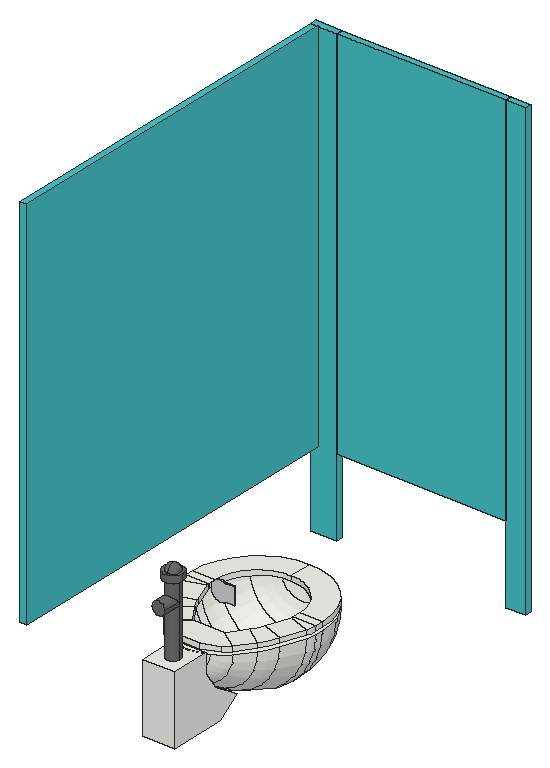
Revit family "Toilet Stall-3D w Toilet", category Specialty Equipment, host Wall, Revit 2021
Family settings
  Host = Wall
  Round Connector Dimension = Use Diameter
  Part Type = Normal
  Always vertical = Yes
  Cut with Voids When Loaded = No
  Shared = Yes
  Room Calculation Point = No
Parameters (values of type "32" x 56" Clear")
  Default Elevation = 0' - 0"
  Assembly Code = "C1030100"
  Door Width = 2' - 2"
  Length = 4' - 8"
  Toilet Partition Material = Toilet Partition
  Width = 2' - 8"
Reference planes (in)
  plane 1: y = 0
  plane 2: x = 15.94107
  plane 3: y = 2.5
  plane 4 "Center (L/R)": x = 31.94107
  plane 5: x = -0.05893
  plane 6: y = 58.5
  plane 7 "Center (F/B)": y = 2.5
  plane 8: x = -1.05893
  plane 9: y = 59.5
  plane 10: z = 12
  plane 11: z = 70
  plane 12: x = 2.94107
  plane 13: x = 28.94107
Forms (in)
  Extrusion 1, solid, material "Toilet Partition" <- "Toilet Partition Material"
    sketch origin (-60, 2.5625, 0) x (-1, 0, 0) y (0, 0, 1)
      loop
        line (-59.94107, 70) -> (-59.94107, 12) -> (-58.94107, 12) -> (-58.94107, 70) -> (-59.94107, 70)
    from -0.0625 to 55.9375
  Extrusion 2, solid, material "Toilet Partition" <- "Toilet Partition Material"
    sketch origin (0, 0, 0) x (1, 0, 0) y (0, 1, 0)
      loop
        line (-1.05893, 59.5) -> (-1.05893, 58.5) -> (2.94107, 58.5) -> (2.94107, 59.5) -> (-1.05893, 59.5)
      loop
        line (28.94107, 59.5) -> (28.94107, 58.5) -> (31.94107, 58.5) -> (31.94107, 59.5) -> (28.94107, 59.5)
    from 0 to 70
  Extrusion 3, solid, material "Toilet Partition" <- "Toilet Partition Material"
    sketch origin (0, 0, 0) x (1, 0, 0) y (0, 1, 0)
      loop
        line (2.94107, 59.5) -> (2.94107, 58.5) -> (28.94107, 58.5) -> (28.94107, 59.5) -> (2.94107, 59.5)
    from 12 to 70
Lines and regions (in)
  model lines, style "InvisibleLines"
    curve 1: line (31.94107, 2.5, 0) -> (31.94107, 58.5, 0)
    curve 3: line (31.94107, 2.5, 0) -> (31.94107, 2.5, 70)
  model lines, style "SpecialityEquipment"
    curve 2: line (-1.05893, 2.5, 70) -> (-0.05893, 2.5, 70)
  model lines, style "Toilet Accessories-Dashed"
    curve 4: line (-0.05893, 2.5, 70) -> (31.94107, 2.5, 70)
    curve 5: line (-0.05893, 2.5, 12) -> (31.94107, 2.5, 12)
  symbolic lines, style "Toilet Accessories-Dashed"
    curve 6: line (28.94107, 0, 70) -> (2.94107, 0, 41)
    curve 7: line (2.94107, 0, 41) -> (28.94107, 0, 12)
  symbolic lines, style "Toilet Accessories"
    curve 8: line (-1.05893, 2.5, 0) -> (-1.05893, 59.5, 0)
    curve 9: line (-1.05893, 59.5, 0) -> (2.94107, 59.5, 0)
    curve 10: line (2.94107, 59.5, 0) -> (2.94107, 58.5, 0)
    curve 11: line (2.94107, 58.5, 0) -> (-0.05893, 58.5, 0)
    curve 12: line (-0.05893, 58.5, 0) -> (-0.05893, 2.5, 0)
    curve 13: line (-0.05893, 2.5, 0) -> (-1.05893, 2.5, 0)
    curve 14: line (28.94107, 59.5, 0) -> (28.94107, 58.5, 0)
    curve 15: line (28.94107, 58.5, 0) -> (31.94107, 58.5, 0)
    curve 16: line (31.94107, 59.5, 0) -> (28.94107, 59.5, 0)
    curve 17: line (2.94107, 58.5, 0) -> (2.94107, 32.5, 0)
    curve 18: line (2.94107, 32.5, 0) -> (3.94107, 32.5, 0)
    curve 19: line (3.94107, 32.5, 0) -> (3.94107, 58.5, 0)
    curve 20: line (3.94107, 58.5, 0) -> (2.94107, 58.5, 0)
    curve 21: arc (28.94107, 58.5, 0) -> (21.32585, 40.11522, 0) -> (2.94107, 32.5, 0) r 26
    curve 22: line (31.94107, 59.5, 0) -> (31.94107, 58.5, 0)
Text (in)
  text "Placement Side" at (0, 40.15149, 123.01588), in view "Right"
  text "Placement Side, matches cursor" at (-46.06407, 47.04732, 0), in view "Floor Line"
  text "Placement Side" at (0, 65.23256, 117.93067), in view "Left"
Dimensions and locks (in)
  "Width": plane 5 to plane 4 "Center (L/R)"
  locked: plane 7 "Center (F/B)" to host wall
  "Length": plane 7 "Center (F/B)" to plane 6
  locked: plane 6 to plane 9 at 1
  locked: plane 8 to plane 5 at 1
  plane 10 to plane 11 = 4' - 10"
  host wall to plane 10 = 1' - 0"
  equal spacing: plane 5, plane 2, plane 4 "Center (L/R)"
  equal spacing: plane 10, curve 7, plane 11
  locked: plane 8 to plane 12 at 4
  "Door Width": plane 12 to plane 13
  locked: curve 17 to curve 19 at 1
  aligned and locked: plane 3 to host wall
  aligned and locked: Extrusion 1 to plane 6
  aligned and locked: Extrusion 2 sketch curve to plane 9
  aligned and locked: Extrusion 2 sketch curve to plane 6  (x2)
  aligned and locked: Extrusion 2 sketch curve to plane 4 "Center (L/R)"
  aligned and locked: Extrusion 2 to curve 2
  aligned and locked: Extrusion 3 sketch curve to Extrusion 2  (x2)
  aligned and locked: plane 10 to Extrusion 3
  aligned and locked: plane 12 to curve 10
  aligned and locked: plane 12 to curve 17
  aligned and locked: plane 13 to curve 14
  aligned and locked: Extrusion 3 sketch curve to plane 12
  aligned and locked: Extrusion 2 sketch curve to plane 13
  aligned and locked: plane 12 to Extrusion 2 sketch curve
  aligned and locked: curve 6 to Extrusion 2
  aligned and locked: curve 7 to Extrusion 3
  aligned and locked: plane 4 "Center (L/R)" to nested 2
  aligned and locked: nested 2 to plane 7 "Center (F/B)"
Automatic sketch dimensions
  Extrusion 1 sketch curve to plane 5 = 0' - 0"
  Extrusion 1 sketch curve to plane 8 = 0' - 0"
  Extrusion 1 sketch curve to plane 10 = 0' - 0"
  Extrusion 1 sketch curve to plane 11 = 0' - 0"
  Extrusion 3 sketch curve to plane 9 = 0' - 0"
  Extrusion 2 sketch curve to plane 8 = 0' - 0"
  Extrusion 2 sketch curve to plane 9 = 0' - 0"
  curve 6 to plane 11 = 0' - 0"
  curve 5 to plane 4 "Center (L/R)" = 0' - 0"
  curve 5 to plane 10 = 0' - 0"
  curve 3 to level = 0' - 0"
  curve 2 to plane 8 = 0' - 0"
  curve 2 to plane 5 = 0' - 0"
  curve 5 to plane 5 = 0' - 0"
  curve 7 to plane 12 = 0' - 0"
  curve 7 to plane 13 = 0' - 0"
  curve 13 to host wall = 0' - 0"
  curve 13 to plane 8 = 0' - 0"
  curve 13 to plane 5 = 0' - 0"
  curve 1 to host wall = 0' - 0"
  curve 22 to plane 4 "Center (L/R)" = 0' - 0"
  curve 11 to plane 6 = 0' - 0"
  curve 1 to plane 6 = 0' - 0"
  curve 16 to plane 9 = 0' - 0"
  curve 9 to plane 9 = 0' - 0"
Nested families (in)
  nested 1: "Toilet-Commercial-Wall-3D" at (4.35918, 0, 0), type "15" Seat Height"
  nested 2: "Dispencer-Toilet Paper-2D" at (31.94107, 2.5, 0), type "Dispencer-Toilet Paper-2D"
Definition of nested family "Toilet-Commercial-Wall-3D"
  Parameters
    Default Elevation = 0' - 0"
    Assembly Code = "D2010110"
    Mounting Height = 1' - 3"
    Piping Material = none
    Toilet - Bowl Material = none
    Toilet - Seat Material = none
  Reference planes (in)
    plane 1: y = 0
    plane 2: x = 15.94107
    plane 3: y = 3
    plane 4: y = 32
    plane 5: z = 13.5
    plane 6: y = 22
    plane 7: y = 12
    plane 8: z = 15
    plane 9: z = 25.5
    plane 10: y = 5.77698
  Forms (in)
    Extrusion 1, solid, material <- "Toilet - Bowl Material"
      sketch origin (15.94107, 0, 0) x (0, -1, 0) y (0, 0, 1)
        loop
          line (-3, 13.5) -> (-9.0159, 13.5) -> (-9.0159, 10.60222) -> (-10.73663, 8.14477) -> (-14.83239, 5.27688) -> (-11.6632, 3) -> (-3, 3) -> (-3, 13.5)
      from -2.5 to 2.5
    Extrusion 2, solid, material <- "Piping Material"
      sketch origin (13.44107, 3, 13.5) x (1, 0, 0) y (0, 1, 0)
        loop
          circle (2.5, 2.77698) r 1
      from 0 to 11
    Extrusion 3, solid, material <- "Piping Material"
      sketch origin (0, 3, 0) x (1, 0, 0) y (0, 0, 1)
        loop
          circle (15.94107, 21.42564) r 1
      from 0 to -2.78125
    Extrusion 4, solid, material <- "Piping Material"
      sketch origin (13.44107, 3, 24.5) x (1, 0, 0) y (0, 1, 0)
        loop
          circle (2.5, 2.77698) r 1.5
      from 0 to 1
    Revolve 5, solid, material <- "Piping Material"
      sketch origin (15.94107, 0, 0) x (0, -1, 0) y (0, 0, 1)
        loop
          line (-6.78555, 25.5) -> (-5.77698, 25.5) -> (-5.77698, 26.50857)
          arc (-5.77698, 26.50857) -> (-6.49014, 26.21316) -> (-6.78555, 25.5) r 1.00857
        axis (-5.77698, 25.5) -> (-5.77698, 26.50857)
      angle from 0 to 360
    Revolve 6, solid, material <- "Toilet - Bowl Material"
      sketch origin (0, 0, 13.5) x (1, 0, 0) y (0, 1, 0)
        loop
          line (15.94107, 32) -> (15.94107, 31)
          arc (15.94107, 31) -> (17.5039, 30.86327) -> (19.01925, 30.45723) r 9
          arc (19.01925, 30.45723) -> (20.77677, 29.59052) -> (22.30503, 28.36396) r 9
          arc (22.30503, 28.36396) -> (23.53159, 26.8357) -> (24.3983, 25.07818) r 9
          arc (24.3983, 25.07818) -> (24.80434, 23.56283) -> (24.94107, 22) r 9
          line (24.94107, 22) -> (24.94107, 20.70531)
          arc (24.94107, 20.70531) -> (24.89549, 20.18436) -> (24.76015, 19.67925) r 3
          line (24.76015, 19.67925) -> (23.48959, 16.18842)
          arc (23.48959, 16.18842) -> (22.91009, 14.87141) -> (22.16364, 13.6413) r 11
          line (22.16364, 13.6413) -> (20.67216, 11.51124)
          arc (20.67216, 11.51124) -> (19.68986, 10.52894) -> (18.43083, 9.94185) r 4
          line (18.43083, 9.94185) -> (15.94107, 9.27472) -> (15.94107, 8.23944) -> (19.04122, 9.07012)
          arc (19.04122, 9.07012) -> (20.30025, 9.65722) -> (21.28255, 10.63952) r 4
          line (21.28255, 10.63952) -> (23.05831, 13.17557)
          arc (23.05831, 13.17557) -> (23.80475, 14.40567) -> (24.38425, 15.72269) r 11
          line (24.38425, 15.72269) -> (25.69984, 19.33723)
          arc (25.69984, 19.33723) -> (25.8803, 20.01072) -> (25.94107, 20.70531) r 4
          line (25.94107, 20.70531) -> (25.94107, 22)
          arc (25.94107, 22) -> (25.78915, 23.73648) -> (25.338, 25.4202) r 10
          arc (25.338, 25.4202) -> (24.37498, 27.373) -> (23.01214, 29.07107) r 10
          arc (23.01214, 29.07107) -> (21.31407, 30.43391) -> (19.36127, 31.39693) r 10
          arc (19.36127, 31.39693) -> (17.67755, 31.84808) -> (15.94107, 32) r 10
        axis (15.94107, 8.23944) -> (15.94107, 32)
      angle from 0 to 180
    Sweep 7, solid, material <- "Toilet - Seat Material"
      path origin (0, 0, 13.5) x (1, 0, 0) y (0, 1, 0)
        loop
          line (21.28255, 10.63952) -> (23.05831, 13.17557)
          arc (23.05831, 13.17557) -> (23.80475, 14.40567) -> (24.38425, 15.72269) r 11
          line (24.38425, 15.72269) -> (25.69984, 19.33723)
          arc (25.69984, 19.33723) -> (25.8803, 20.01072) -> (25.94107, 20.70531) r 4
          line (25.94107, 20.70531) -> (25.94107, 22)
          arc (25.94107, 22) -> (23.01214, 29.07107) -> (15.94107, 32) r 10
          arc (15.94107, 32) -> (8.87, 29.07107) -> (5.94107, 22) r 10
          line (5.94107, 22) -> (5.94107, 20.70531)
          arc (5.94107, 20.70531) -> (6.00184, 20.01072) -> (6.1823, 19.33723) r 4
          line (6.1823, 19.33723) -> (7.49788, 15.72269)
          arc (7.49788, 15.72269) -> (8.07738, 14.40567) -> (8.82383, 13.17557) r 11
          line (8.82383, 13.17557) -> (10.59959, 10.63952)
      profile origin (0, 21.35265, 13.5) x (-1, 0, 0) y (0, 0, 1)
        loop
          line (-25.94107, 0.5) -> (-22.44107, 0.5) -> (-22.44107, 1.25) -> (-25.94107, 1.25) -> (-25.94107, 0.5)
    Extrusion 8, solid, material <- "Toilet - Seat Material"
      sketch origin (15.94107, 22, 14.75) x (1, 0, 0) y (0, 1, 0)
        loop
          line (-2.47445, -9.35296) -> (-5.34148, -11.36048) -> (-4.35918, -12.34278) -> (-1.7583, -13.28943) -> (1.7583, -13.28943) -> (4.35918, -12.34278) -> (5.34148, -11.36048) -> (2.47445, -9.35296) -> (-2.47445, -9.35296)
      from 0 to -0.75
  Text (in)
    text "Placement Side" at (0, 40.15149, 123.01588), in view "Right"
    text "Placement Side, matches cursor" at (-30.92805, 50.76595, 0), in view "Floor Line"
    text "Placement Side" at (0, 47.49176, 61.18918), in view "Left"
  Dimensions and locks (in)
    locked: plane 3 to plane 6 at 19
    locked: plane 3 to plane 7 at 9
    "Mounting Height": plane 8 to level
    locked: plane 8 to plane 5 at 1.5
    locked: plane 8 to plane 9 at 10.5
    locked: plane 3 to plane 10 at 2.77698
    aligned and locked: plane 3 to host wall
  Automatic sketch dimensions
    Extrusion 1 sketch curve to plane 5 = 0' - 0"
    Extrusion 1 sketch curve to plane 3 = 0' - 0"
    plane 7 to Extrusion 1 sketch curve = 0' - 2.9841"
    plane 7 to Extrusion 1 sketch curve = 0' - 1.26337"
    plane 7 to Extrusion 1 sketch curve = 0' - 0.3368"
    Extrusion 1 sketch curve to plane 7 = 0' - 2.83239"
    plane 5 to Extrusion 1 sketch curve = 0' - 2.89778"
    Extrusion 1 sketch curve to Extrusion 1 sketch curve = 0' - 2.45746"
    Extrusion 1 sketch curve to Extrusion 1 sketch curve = 0' - 2.86788"
    level to Extrusion 1 sketch curve = 0' - 3"
    Extrusion 2 sketch curve to plane 2 = 0' - 0"
    Extrusion 2 sketch curve to Extrusion 2 sketch curve = 0' - 1"
    Extrusion 2 sketch curve to plane 3 = 0' - 2.77698"
    Extrusion 3 sketch curve to plane 2 = 0' - 0"
    plane 2 to Extrusion 3 sketch curve = 0' - 1"
    Extrusion 3 sketch curve to plane 5 = 0' - 7.92564"
    Extrusion 4 sketch curve to plane 2 = 0' - 0"
    Extrusion 4 sketch curve to Extrusion 4 sketch curve = 0' - 1 1/2"
    Extrusion 4 sketch curve to plane 3 = 0' - 2.77698"
    Revolve 5 sketch curve to plane 9 = 0' - 0"
    Revolve 5 sketch curve to plane 10 = 0' - 0"  (x2)
    Revolve 5 sketch curve to Revolve 5 sketch curve = 0' - 1.00857"
    Revolve 5 sketch curve to Revolve 5 sketch curve = 0' - 1.53583"
    Revolve 5 sketch curve to Revolve 5 sketch curve = 0' - 1"
    Revolve 6 sketch curve to plane 2 = 0' - 0"  (x9)
    Revolve 6 sketch curve to plane 6 = 0' - 0"  (x8)
    plane 2 to Revolve 6 sketch curve = 0' - 1.89343"
    Revolve 6 sketch curve to plane 2 = 0' - 1.45448"
    Revolve 6 sketch curve to Revolve 6 sketch curve = 0' - 0.61039"  (x3)
    Revolve 6 sketch curve to plane 2 = 0' - 2.48976"
    Revolve 6 sketch curve to Revolve 6 sketch curve = 0' - 0.34202"  (x2)
    plane 7 to Revolve 6 sketch curve = 0' - 0.48876"
    Revolve 6 sketch curve to Revolve 6 sketch curve = 0' - 2.24133"
    plane 7 to Revolve 6 sketch curve = 0' - 1.36048"
    plane 6 to Revolve 6 sketch curve = 0' - 1.29469"
    Revolve 6 sketch curve to Revolve 6 sketch curve = 0' - 4"
    Revolve 6 sketch curve to Revolve 6 sketch curve = 0' - 0"
    Revolve 6 sketch curve to Revolve 6 sketch curve = 0' - 1.49148"
    Revolve 6 sketch curve to Revolve 6 sketch curve = 0' - 0.70711"
    Revolve 6 sketch curve to plane 7 = 0' - 1.17557"
    Revolve 6 sketch curve to Revolve 6 sketch curve = 0' - 0.89466"  (x3)
    Revolve 6 sketch curve to plane 7 = 0' - 4.18842"
    Revolve 6 sketch curve to Revolve 6 sketch curve = 0' - 1.32595"
    Revolve 6 sketch curve to Revolve 6 sketch curve = 0' - 0.93969"  (x2)
    Revolve 6 sketch curve to Revolve 6 sketch curve = 0' - 0.18092"
    Revolve 6 sketch curve to Revolve 6 sketch curve = 0' - 1.5694"
    Revolve 6 sketch curve to Revolve 6 sketch curve = 0' - 0.66713"
    Revolve 6 sketch curve to Revolve 6 sketch curve = 0' - 0.87172"
    Revolve 6 sketch curve to Revolve 6 sketch curve = 0' - 1.03528"
    Revolve 6 sketch curve to Revolve 6 sketch curve = 0' - 3.07818"
    Revolve 6 sketch curve to Revolve 6 sketch curve = 0' - 2.09327"
    Revolve 6 sketch curve to Revolve 6 sketch curve = 0' - 4.14214"
    Revolve 6 sketch curve to Revolve 6 sketch curve = 0' - 4.02829"
    Revolve 6 sketch curve to Revolve 6 sketch curve = 0' - 1.54852"
    plane 6 to Revolve 6 sketch curve = 0' - 6.27731"
    Revolve 6 sketch curve to Revolve 6 sketch curve = 0' - 3.28578"
    Revolve 6 sketch curve to Revolve 6 sketch curve = 0' - 1.18092"
    Revolve 6 sketch curve to Revolve 6 sketch curve = 0' - 0.46573"
    Sweep 7 sketch curve to plane 6 = 0' - 0"  (x2)
    Sweep 7 sketch curve to plane 2 = 0' - 0"
    plane 2 to Sweep 7 sketch curve = 0' - 1.89343"
    plane 6 to Sweep 7 sketch curve = 0' - 1.29469"  (x2)
    Sweep 7 sketch curve to Sweep 7 sketch curve = 0' - 4.10657"
    Sweep 7 sketch curve to plane 7 = 0' - 1.17557"  (x2)
    Sweep 7 sketch curve to Sweep 7 sketch curve = 0' - 1.77576"  (x2)
    Sweep 7 sketch curve to Sweep 7 sketch curve = 0' - 1.32595"  (x2)
    plane 6 to Sweep 7 sketch curve = 0' - 2.66277"
    Sweep 7 sketch curve to Sweep 7 sketch curve = 0' - 1.31559"
    Sweep 7 sketch curve to plane 2 = 0' - 1.89343"
    Sweep 7 sketch curve to Sweep 7 sketch curve = 0' - 4"
    Sweep 7 sketch curve to Sweep 7 sketch curve = 0' - 0.24123"
    Sweep 7 sketch curve to Sweep 7 sketch curve = 0' - 2.54712"  (x2)
    plane 2 to Sweep 7 sketch curve = 0' - 7.11724"
    plane 7 to Sweep 7 sketch curve = 0' - 1.36048"  (x2)
    Sweep 7 sketch curve to plane 2 = 0' - 5.34148"
    Sweep 7 sketch curve to profile plane = 0' - 0"
    Sweep 7 sketch curve to plane 5 = 0' - 1 1/4"
    Sweep 7 sketch curve to profile plane = 0' - 3 1/2"
    Sweep 7 sketch curve to plane 5 = 0' - 0 1/2"
    plane 7 to Extrusion 8 sketch curve = 0' - 1.36048"  (x2)
    plane 2 to Extrusion 8 sketch curve = 0' - 5.34148"
    Extrusion 8 sketch curve to Extrusion 8 sketch curve = 0' - 0.9823"  (x4)
    Extrusion 8 sketch curve to plane 7 = 0' - 0.64704"
    plane 2 to Extrusion 8 sketch curve = 0' - 2.47445"
    plane 2 to Extrusion 8 sketch curve = 0' - 1.7583"
    Extrusion 8 sketch curve to plane 2 = 0' - 1.7583"
    Extrusion 8 sketch curve to plane 2 = 0' - 2.47445"
    Extrusion 8 sketch curve to Extrusion 8 sketch curve = 0' - 2.60088"
    Extrusion 8 sketch curve to Extrusion 8 sketch curve = 0' - 0.94664"
Definition of nested family "Dispencer-Toilet Paper-2D"
  Parameters
    Finish = none
    Default Elevation = 0' - 0"
    Assembly Code = "C1030200"
  Reference planes (in)
    plane 1 "Center (Front/Back)": y = 0
    plane 2 "Center (Left/Right)": x = 0
    plane 3: y = 30
    plane 4: y = 36
    plane 5: x = -5
    plane 6: y = 0.125
    plane 7: z = 28.5
    plane 8: x = -4
    plane 9: x = -1
  Forms (in)
    Extrusion 1, solid, material <- "Finish"
      sketch origin (-93.94107, 2.5625, 5.5) x (-1, 0, 0) y (0, 0, 1)
        loop
          line (-92.63123, 23) -> (-93.94107, 23) -> (-93.94107, 20.38671) -> (-92.63123, 20.38671)
          arc (-92.63123, 20.38671) -> (-90.39334, 21.69335) -> (-92.63123, 23) r 1.50041
      from -2.5625 to -2.4375
  Lines and regions (in)
    model lines
      curve 1: line (0, 36, 0) -> (-4, 36, 0)
      curve 2: line (-4, 30, 0) -> (0, 30, 0)
      curve 3: line (-1.30983, 0.125, 28.5) -> (-2.78481, 0.125, 28.5)
      curve 4: line (-2.78481, 0.125, 28.5) -> (-2.78481, 0.125, 25.88671)
      curve 5: line (-2.78481, 0.125, 25.88671) -> (-1.30983, 0.125, 25.88671)
      curve 6: line (0, 35.5, 0) -> (-5, 35.5, 0)
      curve 7: line (0, 30.5, 0) -> (-5, 30.5, 0)
      curve 8: line (-1, 30.5, 0) -> (-1, 35.5, 0)
      curve 9: line (-5, 35.5, 0) -> (-5, 30.5, 0)
      curve 10: line (-4, 36, 0) -> (-4, 35.5, 0)
      curve 11: line (-4, 30.5, 0) -> (-4, 30, 0)
      curve 12: line (0, 0, 0) -> (0, 36, 0)
      curve 13: line (0, 0, 0) -> (-24, 0, 0)
      curve 14: line (0, 0, 0) -> (0, 0, 28.5)
  Dimensions and locks (in)
    locked: plane 5 to plane 2 "Center (Left/Right)" at 5
    locked: plane 3 to plane 4 at 6
    locked: plane 3 to plane 1 "Center (Front/Back)" at 30
    locked: plane 6 to plane 1 "Center (Front/Back)" at 0.125
    locked: level to plane 7 at 28.5
    locked: Extrusion 1 sketch curve to Extrusion 1 sketch curve at 2.61329
    aligned and locked: curve 2 to plane 3
    aligned and locked: curve 1 to plane 4
    aligned and locked: plane 1 "Center (Front/Back)" to Extrusion 1
    aligned and locked: plane 6 to Extrusion 1
    aligned and locked: plane 7 to Extrusion 1 sketch curve
    aligned and locked: plane 2 "Center (Left/Right)" to Extrusion 1 sketch curve
    aligned and locked: plane 9 to curve 8
    aligned and locked: plane 5 to curve 9
    aligned and locked: curve 10 to plane 8
    aligned and locked: curve 11 to plane 8
    aligned and locked: curve 12 to Extrusion 1
    aligned and locked: curve 13 to Extrusion 1
    aligned: curve 14 to curve 13
    aligned and locked: plane 2 "Center (Left/Right)" to curve 14
